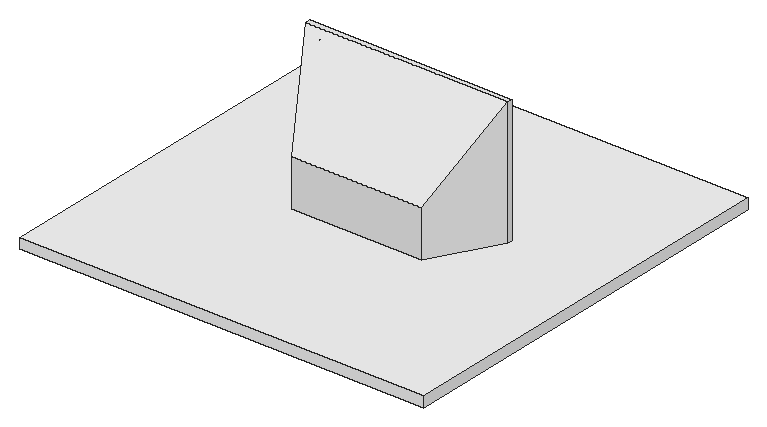
Revit family "BE_50180.1_de_DE", category Leuchten, Revit 2020
Family settings
  Basisbauteil = Fläche
  Bemaßung runder Anschluss = Durchmesser verwenden
  Teiletyp = Normal
  Beim Laden mit Abzugskörper schneiden = Ja
  Lichtquelle = Ja
  Gemeinsam genutzt = Nein
  Raumberechnungspunkt = Ja
Parameters (values of type "BEGA_50180.1_K27")
  built-in parameter 1150104 = 12.077 (stored number, unit not read)
  Wattage = 10.5 W
  Default Elevation = 0 mm
  built-in parameter 1150113 = 1 (stored number, unit not read)
  built-in parameter 1114218 = 1 (stored number, unit not read)
  Umgebungstemperatur = "25 °C"
  URL = "https://www.bega.com/de/produkt/50180.1"
  Typenkommentare = "© 2022 BEGA. Wir behalten uns das Recht vor, technische Änderungen ohne vorherige Ankündigung vorzunehmen."  # constant formula
  built-in parameter 1150134 = 12
  built-in parameter 1150109 = 1 (stored number, unit not read)
  Strom = ""
  built-in parameter 1150110 = 1 (stored number, unit not read)
  Spannung = 239.996 V
  Sonderanfertigung = no
  Sockeltyp = ""
  Sockelanzahl = ""
  Seriennummer [instance] = "Hier können Sie die eindeutige Seriennummer für das Facility Management eintragen."
  Schutzklasse = "I"
  Schutzart = "IP 20"
  Scheinlast = 0 VA
  Produktdatenblatt = "https://cdn.bega.com/bega/products/50180.1K27/current/documents/data-sheets/de"
  Oberflächentemperatur = ""
  Neigungswinkel = 0.00°
  Modell = "50180.1K27"
  Material_17 = BEGA_Reflektor
  Material_15 = BEGA_Leuchtmedium_matt
  Material_11 = BEGA_Glas_opal
  Material_09 = BEGA_Glas_klar
  Material_06 = BEGA_Oberfläche_Edelstahl_gebürstet
  Material_03 = BEGA_Oberfläche_Weiss_matt
  Material_02 = BEGA_Oberfläche_Silber_matt
  Material_01 [instance] = BEGA_Oberfläche_Grafit_matt
  M_W = no
  M_G = no
  M_A = no
  Logo = 0
  built-in parameter 1114217 = 1 (stored number, unit not read)
  built-in parameter 1150139 = (empty or 0)
  built-in parameter 1150105 = 108.62 (stored number, unit not read)
  built-in parameter 1150114 = 1 (stored number, unit not read)
  Lumens = 1365 lm
  built-in parameter 1150115 = 1 (stored number, unit not read)
  Leuchtenlichtstrom = "1083 lm"
  Leuchtenanzahl = ""
  Lebensdauerkriterien = "L70B50 @ 25 °C = 135000 h"
  Lastklassifizierung = Beleuchtung
  built-in parameter 1150112 = 1 (stored number, unit not read)
  Lampenlichtstrom = "1460 lm"
  Lampe = "LED 10.2 W"
  LED_Modulbezeichnung = "LED-0810/927"
  Hersteller = "BEGA"  # constant formula
  Halbstreuwinkel = ""
  Gewicht = "0.95 kg"
  Gebrauchslageneinschränkung [instance] = ""
  Frequenz = "0/50-60 Hz"
  Farbwiedergabeindex = "CRI > 90"
  Farbtemperaturverschiebung bei Dämpfen der Lampe = <Keine Auswahl>
  Farbtemperatur = "2700 K"
  Color Filter = 16777215
  built-in parameter 1150133 = 10 (stored number, unit not read)
  Energieeffizienzklasse = "LED A++ - A"
  built-in parameter 1150137 = (empty or 0)
  built-in parameter 1150132 = (empty or 0)
  ENEC = "ja"
  Dimmbar [instance] = "on/off"
  Datei für fotometrisches Netz = "BE_50180.1K27.IES"
  CE_Konformität = "ja"
  Bestellnummer = "50180.1K27"
  Beschreibung_Sonderanfertigung = "Hier können Sie Informationen zur Sonderanfertigung eintragen."
  Beschreibung = "Wandfluter"
  built-in parameter 1150106 = 1.0862 (stored number, unit not read)
  Befestigungsbohrung = "Ø 4,8 mm"
  Befestigungsabstand = "128 mm"
  Ballwurfsicher = ""
  BEGA_Intern_aus = yes
  BEGA_Intern_an = yes
  BEGA_Intern_Konstruktion = yes
  BEGA_Intern = yes
  BEGA_IES = yes
  BEGA_Dummy = no
  Anschlussleitung = ""
  Anschlussleistung [instance] = "12.5 W"
  Anschlusskasten = ""
  built-in parameter 1150107 = 4000 (stored number, unit not read)
  built-in parameter 1150102 = (empty or 0)
  built-in parameter 1150138 = (empty or 0)
  Aktualisierung = "2022-05-18T04:00:07"
  Abstand_zur_angestrahlten_Fläche [instance] = ""
  AC/DC = "AC/DC"
Types (3, lengths in mm): name | built-in parameter 1150104 | built-in parameter 1150134 | Modell | built-in parameter 1150105 | Lumens | Leuchtenlichtstrom | Lampenlichtstrom | LED_Modulbezeichnung | Farbtemperatur | Datei für fotometrisches Netz | Bestellnummer | built-in parameter 1150106 | built-in parameter 1150107
  BEGA_50180.1_K4 | 12.077 (stored number, unit not read) | 12 | "50180.1K4" | 108.62 (stored number, unit not read) | 1365 lm | "1163 lm" | "1570 lm" | "LED-0810/940" | "4000 K" | "BE_50180.1K4.IES" | "50180.1K4" | 1.0862 (stored number, unit not read) | 4000 (stored number, unit not read)
  BEGA_50180.1_K3 | 11.679 (stored number, unit not read) | (empty or 0) | "50180.1K3" | 105.04 (stored number, unit not read) | 1319.96 lm | "1120 lm" | "1510 lm" | "LED-0810/930" | "3000 K" | "BE_50180.1K3.IES" | "50180.1K3" | 1.0504 (stored number, unit not read) | 3000 (stored number, unit not read)
  BEGA_50180.1_K27 | 12.077 (stored number, unit not read) | 12 | "50180.1K27" | 108.62 (stored number, unit not read) | 1365 lm | "1083 lm" | "1460 lm" | "LED-0810/927" | "2700 K" | "BE_50180.1K27.IES" | "50180.1K27" | 1.0862 (stored number, unit not read) | 4000 (stored number, unit not read)
Reference planes
  plane 1 "Mitte (Vorne/Hinten)": y = 0
  plane 2: z = 0
  plane 3 "Mitte (Links/Rechts)": x = 0
  plane 4 "Links": x = -100.04
  plane 5 "Rechts": x = 100.04
  plane 6 "Unten": y = -33.5
  plane 7 "Oben": y = 33.5
  plane 8 "Vorne": z = 125.413
  plane 9 "Hinten": z = 0
Forms (mm)
  Extrusion 1, solid, material "BEGA_Platte_Weiss"
    sketch origin (0, -1119.2, 0) x (1, 0, 0) y (0, 1, 0)
      loop
        line (-200, 1319.2) -> (-200, 919.2) -> (200, 919.2) -> (200, 1319.2) -> (-200, 1319.2)
    from 0 to -10
  Extrusion 2, solid, material "BEGA_Dummy_matt", visible <- "BEGA_Dummy"
    sketch origin (80.095, -76.023, 0) x (1, 0, 0) y (0, 1, 0)
      loop
        line (-180.135, 109.523) -> (-180.135, 42.523) -> (19.944, 42.523) -> (19.944, 109.523) -> (-180.135, 109.523)
    from 0 to 125.413
Dimensions and locks
  plane 1 "Mitte (Vorne/Hinten)" to Extrusion 1 = 200 mm
  aligned and locked: plane 2 to Extrusion 1
  aligned and locked: level to Extrusion 1
Nested families
  nested 1: "BE_50180.1" at (0, 0, 0), type "BE_50180.1"
Connectors
  electrical at (0, 0, 0), driven by "Lastklassifizierung", driven by "Spannung", driven by "Scheinlast"
    settings: index 1, voltage 239.996 V, apparent load 0 VA, apparent load phase1 0 VA, apparent load phase2 0 VA, apparent load phase3 0 VA, power factor 1, load classification "Beleuchtung", number of poles 1, system type 31, power factor state 1, is connector primary yes, connector utility no, sub classification motor no, connector description ""
Definition of nested family "BE_50180.1"
  Parameters (values of type "BE_50180.1")
    Default Elevation = 1 mm
    URL = "http://www.bega.de/de/produkt"
    Type Comments = "© 2015 BEGA. Wir behalten uns das Recht vor, technische Änderungen ohne vorherige Ankündigung vorzunehmen. "  # constant formula
    Type Image = (empty or 0)
    Neigungswinkel_um_Z2 = 0.00°
    Neigungswinkel_um_Z1 = 0.00°
    Neigungswinkel_um_Y2 = 0.00°
    Neigungswinkel_um_Y1 = 0.00°
    Neigungswinkel_um_X2 = 0.00°
    Neigungswinkel_um_X1 = 0.00°
    Material_17 = none
    Material_15 = none
    Material_11 = none
    Material_09 = none
    Material_06 = none
    Material_05 = none
    Material_03 = none
    Material_02 = none
    Material_01 = none
    M_W = yes
    M_G = yes
    M_A = yes
    Länge_Platte = 400 mm  # constant formula
    Höhe_Platte = -10 mm  # constant formula
    Manufacturer = "BEGA"  # constant formula
    Drehwinkel_um_Z2 = 0.00°
    Drehwinkel_um_Z1 = 0.00°
    Breite_Platte = 200 mm  # constant formula
  Reference planes
    plane 1 "Mitte (Oben/Unten)": y = 0
    plane 2: z = 0
    plane 3 "Mitte (Links/Rechts)": x = 0
    plane 4: y = 33.5
    plane 5: z = 125.413
    plane 6: y = -33.5
    plane 7: x = -100.04
    plane 8: x = 100.04
  Forms (mm)
    Extrusion 1, solid, detail levels medium
      sketch origin (0, 0, 0) x (1, 0, 0) y (0, 1, 0)
        loop
          line (-200, 100) -> (-200, -100) -> (200, -100) -> (200, 100) -> (-200, 100)
      from 0 to -10 <- "Höhe_Platte"
    Extrusion 2, solid, material <- "Material_03", detail levels medium+fine
      sketch origin (0, 0, 0) x (0, 1, 0) y (0, 0, 1)
        loop
          line (-33.5, 0.5) -> (33.5, 0.5) -> (33.5, 125.413) -> (28.569, 125.413) -> (-33.5, 46.5) -> (-33.5, 0.5)
      from -117.578 to 105.837
    Extrusion 3, void
      sketch origin (0, 0, 0) x (1, 0, 0) y (0, 1, 0)
        loop
          line (-117.578, 36.451) -> (-117.578, -41.243) -> (-59.734, -41.243) -> (-100.04, 28.569) -> (-100.04, 36.451) -> (-117.578, 36.451)
        loop
          line (117.578, 36.451) -> (100.04, 36.451) -> (100.04, 28.569) -> (59.734, -41.243) -> (117.578, -41.243) -> (117.578, 36.451)
      from 0 to 133.895
    Blend 4, void
      base sketch origin (0, -35.827, 0.5) x (0, -1, 0) y (1, 0, 0)
        loop
          line (-5.439, -61.849) -> (-5.439, 61.849) -> (-64.915, 95.687) -> (-64.915, -95.687) -> (-5.439, -61.849)
      top sketch origin (0, 35.5, 152.913) x (0, -1, 0) y (1, 0, 0)
        loop
          line (11.304, -94.861) -> (11.304, 94.861) -> (6.412, 94.861) -> (6.412, -94.861) -> (11.304, -94.861)
      from 0 to -34.503
    Extrusion 5, solid, material <- "Material_03", detail levels medium+fine
      sketch origin (0, 0, 0) x (1, 0, 0) y (0, 1, 0)
        loop
          line (-60.879, -30.642) -> (60.879, -30.642) -> (94.379, 28.242) -> (-94.379, 28.242) -> (-60.879, -30.642)
      from 2.139 to 3.5
    Extrusion 6, void
      sketch origin (0, 0, 0) x (0, 1, 0) y (0, 0, 1)
        loop
          line (27.344, 122.579) -> (27.344, 34.371) -> (34.8, 34.371) -> (34.8, 122.579) -> (27.344, 122.579)
      from -97.734 to 97.799
    Extrusion 7, solid, material <- "Material_17", detail levels medium+fine
      sketch origin (0, 0, 0) x (0, 1, 0) y (0, 0, 1)
        loop
          line (29.3, 118.41) -> (28.447, 118.41) -> (28.447, 108.012) -> (13.422, 83.687) -> (14.48, 83.687) -> (29.3, 107.681) -> (29.3, 118.41)
        loop
          line (29.3, 34.484) -> (29.3, 49.639) -> (14.464, 73.66) -> (13.406, 73.66) -> (28.447, 49.308) -> (28.447, 34.484) -> (29.3, 34.484)
      from -94.527 to 94.735
    Extrusion 8, solid, material <- "Material_17", detail levels medium+fine
      sketch origin (0, 0, 0) x (1, 0, 0) y (0, 1, 0)
        loop
          line (94.527, 27.344) -> (40.687, 13.909) -> (40.924, 13.081) -> (94.735, 26.508) -> (94.527, 27.344)
        loop
          line (-94.527, 27.344) -> (-94.735, 26.508) -> (-40.924, 13.081) -> (-40.687, 13.909) -> (-94.527, 27.344)
      from 45.695 to 118.41
    Extrusion 9, void
      sketch origin (0, 0, 0) x (0, 1, 0) y (0, 0, 1)
        loop
          line (11.589, 101.945) -> (11.589, 89.945) -> (13.28, 89.945) -> (13.28, 101.945) -> (11.589, 101.945)
      from -28.58 to 28.473
    Extrusion 10, solid, material <- "Material_15", detail levels medium+fine
      sketch origin (0, 0, 0) x (1, 0, 0) y (0, 0, 1)
        loop
          line (23.664, 75.066) -> (23.664, 82.171) -> (-23.616, 82.171) -> (-23.616, 75.066) -> (23.664, 75.066)
      from -12.794 to -12.166
    Extrusion 11, void
      sketch origin (0, 0, 0) x (0, 1, 0) y (0, 0, 1)
        loop
          line (30.96, 126.902) -> (7.975, 126.902) -> (7.975, 97.679) -> (30.96, 126.902)
      from -82.112 to 102.734
    Extrusion 12, solid, material <- "Material_09", detail levels medium+fine
      sketch origin (0, 0, 0) x (0, 1, 0) y (0, 0, 1)
        loop
          line (29.3, 34.371) -> (33.3, 34.371) -> (33.3, 122.579) -> (29.3, 122.579) -> (29.3, 34.371)
      from -97.734 to 97.799
    Extrusion 13, void
      sketch origin (0, 0, 0) x (1, 0, 0) y (0, 1, 0)
        loop
          circle (-40, -5.543) r 8.5
        loop
          arc (-66.109, 3.657) -> (-68.509, 1.255) -> (-66.104, -1.143) r 2.4
          line (-66.104, -1.143) -> (-60.905, -1.143)
          arc (-60.905, -1.143) -> (-58.5, 1.255) -> (-60.9, 3.657) r 2.4
          line (-60.9, 3.657) -> (-66.05, 3.657)
        loop
          arc (65.9, 3.857) -> (63.5, 6.257) -> (61.1, 3.857) r 2.4
          line (61.1, 3.857) -> (61.1, -1.343)
          arc (61.1, -1.343) -> (63.5, -3.743) -> (65.9, -1.343) r 2.4
          line (65.9, -1.343) -> (65.9, 3.857)
      from 0 to 4.75
    Extrusion 14, void
      sketch origin (0, 0, 0) x (1, 0, 0) y (0, 1, 0)
        loop
          line (-60.318, -36.5) -> (-101.58, 34.967) -> (-106.506, 34.967) -> (-106.506, -36.5) -> (-60.318, -36.5)
      from 0 to 127.618
    Extrusion 15, void
      sketch origin (0, 0, 0) x (-1, 0, 0) y (0, -1, 0)
        loop
          line (-60.318, 36.5) -> (-106.506, 36.5) -> (-106.506, -34.967) -> (-101.58, -34.967) -> (-60.318, 36.5)
      from 0 to 127.618
    Revolve 16, solid, material <- "Material_03", detail levels medium+fine
      sketch origin (-76.855, 0, 0) x (0, 1, 0) y (0, 0, 1)
        loop
          line (19.157, 2.517) -> (19.157, 0) -> (23.449, 0)
          arc (23.449, 0) -> (24.618, 0.201) -> (25.652, 0.78) r 3.5
          line (25.652, 0.78) -> (27.795, 2.517) -> (19.157, 2.517)
        axis (19.157, 0) -> (19.157, 2.517)
      angle from 0 to 360
    Revolve 17, solid, material <- "Material_03", detail levels medium+fine
      sketch origin (76.855, 0, 0) x (0, 1, 0) y (0, 0, -1)
        loop
          line (19.157, -2.517) -> (27.795, -2.517) -> (25.652, -0.78)
          arc (25.652, -0.78) -> (24.618, -0.201) -> (23.449, 0) r 3.5
          line (23.449, 0) -> (19.157, 0) -> (19.157, -2.517)
        axis (19.157, 0) -> (19.157, -2.517)
      angle from 0 to 360
    Revolve 18, solid, material <- "Material_03", detail levels medium+fine
      sketch origin (-55.448, -37.078, 0) x (0, 1, 0) y (0, 0, 1)
        loop
          line (19.157, 2.517) -> (19.157, 0) -> (23.449, 0)
          arc (23.449, 0) -> (24.618, 0.201) -> (25.652, 0.78) r 3.5
          line (25.652, 0.78) -> (27.795, 2.517) -> (19.157, 2.517)
        axis (19.157, 0) -> (19.157, 2.517)
      angle from 0 to 360
    Revolve 19, solid, material <- "Material_03", detail levels medium+fine
      sketch origin (55.448, -37.078, 0) x (0, 1, 0) y (0, 0, -1)
        loop
          line (19.157, -2.517) -> (27.795, -2.517) -> (25.652, -0.78)
          arc (25.652, -0.78) -> (24.618, -0.201) -> (23.449, 0) r 3.5
          line (23.449, 0) -> (19.157, 0) -> (19.157, -2.517)
        axis (19.157, 0) -> (19.157, -2.517)
      angle from 0 to 360
    Extrusion 20, solid, material <- "Material_17", detail levels medium+fine
      sketch origin (0, 0, 0) x (0, 1, 0) y (0, 0, 1)
        loop
          line (14.48, 83.687) -> (13.406, 83.687) -> (13.406, 73.66) -> (14.48, 73.66) -> (14.48, 83.687)
      from -41.534 to 40.924
    Extrusion 21, void
      sketch origin (0, 0, 0) x (0, 1, 0) y (0, 0, 1)
        loop
          line (14.682, 82.887) -> (13.232, 82.887) -> (13.232, 74.46) -> (14.682, 74.46) -> (14.682, 82.887)
      from -24.264 to 24.334
  Cuts and joins
    Extrusion 3, Blend 4, Extrusion 6, Extrusion 9 cuts Extrusion 2
    Extrusion 13 cuts Extrusion 5
    joined: Extrusion 5, Revolve 16, Revolve 17, Revolve 18, Revolve 19
    Extrusion 9, Extrusion 13, Extrusion 14, Extrusion 15, Extrusion 21 cuts Extrusion 7
    Extrusion 9, Extrusion 11, Extrusion 13, Extrusion 15, Extrusion 21 cuts Extrusion 8
    Extrusion 21 cuts Extrusion 20
    joined: Extrusion 7, Extrusion 8, Extrusion 20
  Lines and regions (mm)
    model lines
      curve 1: line (0, 13.684, 83.687) -> (0, 13.684, 82.887)
      curve 2: line (0, 13.684, 73.66) -> (0, 13.684, 74.46)
  Dimensions and locks
    equal spacing: Extrusion 1 sketch curve, plane 3 "Mitte (Links/Rechts)", Extrusion 1 sketch curve
    equal spacing: Extrusion 1 sketch curve, plane 1 "Mitte (Oben/Unten)", Extrusion 1 sketch curve
    "Länge_Platte": Extrusion 1 sketch curve to Extrusion 1 sketch curve
    "Breite_Platte": Extrusion 1 sketch curve to Extrusion 1 sketch curve
    aligned and locked: plane 2 to Extrusion 1
    aligned and locked: level to Extrusion 1
  Automatic sketch dimensions
    level to Extrusion 2 sketch curve = 0.5 mm
    plane 1 "Mitte (Oben/Unten)" to Extrusion 2 sketch curve = 33.5 mm
    Extrusion 2 sketch curve to plane 1 "Mitte (Oben/Unten)" = 28.569 mm
    Extrusion 2 sketch curve to Extrusion 2 sketch curve = 4.931 mm
    Extrusion 2 sketch curve to Extrusion 2 sketch curve = 46 mm
    Extrusion 2 to Blend 4 sketch curve = 4.412 mm
    Extrusion 2 to Blend 4 sketch curve = 3.112 mm
    Blend 4 sketch curve to Extrusion 2 = 21.891 mm
    Blend 4 sketch curve to Extrusion 2 = 55.729 mm
    Blend 4 sketch curve to Extrusion 2 = 43.988 mm
    Blend 4 sketch curve to Extrusion 2 = 10.15 mm
    Extrusion 5 sketch curve to plane 1 "Mitte (Oben/Unten)" = 28.242 mm
    Extrusion 5 sketch curve to plane 3 "Mitte (Links/Rechts)" = 94.379 mm
    Extrusion 5 sketch curve to plane 3 "Mitte (Links/Rechts)" = 60.879 mm
    plane 3 "Mitte (Links/Rechts)" to Extrusion 5 sketch curve = 60.879 mm
    Extrusion 5 sketch curve to Extrusion 5 sketch curve = 33.501 mm
    plane 1 "Mitte (Oben/Unten)" to Extrusion 5 sketch curve = 30.642 mm
    Extrusion 6 sketch curve to plane 1 "Mitte (Oben/Unten)" = 27.344 mm
    Extrusion 6 sketch curve to Extrusion 6 sketch curve = 7.456 mm
    level to Extrusion 6 sketch curve = 34.371 mm
    Extrusion 7 sketch curve to plane 1 "Mitte (Oben/Unten)" = 13.406 mm
    Extrusion 7 sketch curve to Extrusion 7 sketch curve = 0.016 mm
    Extrusion 7 sketch curve to Extrusion 7 sketch curve = 1.058 mm  (x2)
    Extrusion 7 sketch curve to Extrusion 7 sketch curve = 13.967 mm
    Extrusion 7 sketch curve to plane 1 "Mitte (Oben/Unten)" = 28.447 mm
    Extrusion 7 sketch curve to Extrusion 7 sketch curve = 0.853 mm  (x2)
    level to Extrusion 7 sketch curve = 34.484 mm
    Extrusion 7 sketch curve to Extrusion 7 sketch curve = 14.824 mm
    Extrusion 7 sketch curve to Extrusion 7 sketch curve = 0.332 mm  (x2)
    Extrusion 7 sketch curve to Extrusion 7 sketch curve = 24.352 mm
    Extrusion 7 sketch curve to Extrusion 7 sketch curve = 10.027 mm
    Extrusion 7 sketch curve to Extrusion 7 sketch curve = 23.994 mm
    Extrusion 7 sketch curve to Extrusion 7 sketch curve = 10.398 mm
    Extrusion 8 sketch curve to plane 1 "Mitte (Oben/Unten)" = 26.508 mm
    Extrusion 8 sketch curve to plane 3 "Mitte (Links/Rechts)" = 94.735 mm
    Extrusion 8 sketch curve to plane 1 "Mitte (Oben/Unten)" = 27.344 mm  (x2)
    Extrusion 8 sketch curve to Extrusion 8 sketch curve = 0.209 mm
    Extrusion 8 sketch curve to plane 1 "Mitte (Oben/Unten)" = 13.081 mm  (x2)
    Extrusion 8 sketch curve to plane 1 "Mitte (Oben/Unten)" = 13.909 mm  (x2)
    plane 3 "Mitte (Links/Rechts)" to Extrusion 8 sketch curve = 40.687 mm
    Extrusion 8 sketch curve to Extrusion 8 sketch curve = 0.238 mm
    Extrusion 8 sketch curve to Extrusion 8 sketch curve = 53.602 mm
    Extrusion 9 sketch curve to plane 1 "Mitte (Oben/Unten)" = 11.589 mm
    Extrusion 9 sketch curve to Extrusion 9 sketch curve = 1.691 mm
    Extrusion 9 sketch curve to Extrusion 9 sketch curve = 12 mm
    Extrusion 10 sketch curve to plane 3 "Mitte (Links/Rechts)" = 23.616 mm
    plane 3 "Mitte (Links/Rechts)" to Extrusion 10 sketch curve = 23.664 mm
    level to Extrusion 10 sketch curve = 75.066 mm
    Extrusion 10 sketch curve to Extrusion 10 sketch curve = 7.105 mm
    Extrusion 11 sketch curve to plane 1 "Mitte (Oben/Unten)" = 7.975 mm
    Extrusion 11 sketch curve to Extrusion 11 sketch curve = 22.985 mm
    Extrusion 12 sketch curve to plane 1 "Mitte (Oben/Unten)" = 29.3 mm
    Extrusion 12 sketch curve to Extrusion 12 sketch curve = 4 mm
    level to Extrusion 12 sketch curve = 34.371 mm
    Extrusion 13 sketch curve to plane 1 "Mitte (Oben/Unten)" = 1.257 mm  (x2)
    Extrusion 13 sketch curve to plane 3 "Mitte (Links/Rechts)" = 66.109 mm
    plane 1 "Mitte (Oben/Unten)" to Extrusion 13 sketch curve = 1.143 mm
    Extrusion 13 sketch curve to Extrusion 13 sketch curve = 0.005 mm  (x2)
    Extrusion 13 sketch curve to Extrusion 13 sketch curve = 5.199 mm
    plane 1 "Mitte (Oben/Unten)" to Extrusion 13 sketch curve = 5.543 mm
    Extrusion 13 sketch curve to Extrusion 13 sketch curve = 20.905 mm
    Extrusion 13 sketch curve to plane 1 "Mitte (Oben/Unten)" = 3.857 mm
    plane 3 "Mitte (Links/Rechts)" to Extrusion 13 sketch curve = 63.5 mm
    plane 1 "Mitte (Oben/Unten)" to Extrusion 13 sketch curve = 1.343 mm  (x2)
    Extrusion 13 sketch curve to Extrusion 13 sketch curve = 0 mm  (x13)
    Extrusion 13 sketch curve to Extrusion 13 sketch curve = 0.059 mm
    Extrusion 13 sketch curve to Extrusion 13 sketch curve = 2.4 mm
    plane 1 "Mitte (Oben/Unten)" to Extrusion 14 sketch curve = 36.5 mm
    Extrusion 14 sketch curve to plane 3 "Mitte (Links/Rechts)" = 106.506 mm
    Extrusion 14 sketch curve to plane 1 "Mitte (Oben/Unten)" = 34.967 mm
    Extrusion 14 sketch curve to Extrusion 14 sketch curve = 4.926 mm
    Extrusion 14 sketch curve to Extrusion 14 sketch curve = 46.188 mm
    Extrusion 15 sketch curve to plane 1 "Mitte (Oben/Unten)" = 36.5 mm
    Extrusion 15 sketch curve to plane 3 "Mitte (Links/Rechts)" = 106.506 mm
    plane 1 "Mitte (Oben/Unten)" to Extrusion 15 sketch curve = 34.967 mm
    Extrusion 15 sketch curve to Extrusion 15 sketch curve = 4.926 mm
    Extrusion 15 sketch curve to Extrusion 15 sketch curve = 46.188 mm
    Revolve 16 sketch curve to level = 0 mm  (x2)
    level to Revolve 16 sketch curve = 2.517 mm
    Revolve 16 sketch curve to plane 1 "Mitte (Oben/Unten)" = 19.157 mm
    Revolve 16 sketch curve to Revolve 16 sketch curve = 4.292 mm
    Revolve 16 sketch curve to Revolve 16 sketch curve = 4.346 mm
    Revolve 16 sketch curve to Revolve 16 sketch curve = 3.5 mm
    Revolve 16 sketch curve to Revolve 16 sketch curve = 0 mm  (x2)
    level to Revolve 16 sketch curve = 0.78 mm
    Revolve 16 sketch curve to Revolve 16 sketch curve = 2.203 mm
    Revolve 16 sketch curve to Revolve 16 sketch curve = 1.483 mm
    Revolve 17 sketch curve to level = 0 mm  (x2)
    level to Revolve 17 sketch curve = 2.517 mm
    Revolve 17 sketch curve to plane 1 "Mitte (Oben/Unten)" = 19.157 mm
    Revolve 17 sketch curve to Revolve 17 sketch curve = 4.292 mm
    Revolve 17 sketch curve to Revolve 17 sketch curve = 4.346 mm
    Revolve 17 sketch curve to Revolve 17 sketch curve = 3.5 mm
    Revolve 17 sketch curve to Revolve 17 sketch curve = 0 mm  (x2)
    level to Revolve 17 sketch curve = 0.78 mm
    Revolve 17 sketch curve to Revolve 17 sketch curve = 2.203 mm
    Revolve 17 sketch curve to Revolve 17 sketch curve = 1.483 mm
    Revolve 18 sketch curve to level = 0 mm  (x2)
    level to Revolve 18 sketch curve = 2.517 mm
    plane 1 "Mitte (Oben/Unten)" to Revolve 18 sketch curve = 17.92 mm
    Revolve 18 sketch curve to Revolve 18 sketch curve = 4.292 mm
    Revolve 18 sketch curve to Revolve 18 sketch curve = 4.346 mm
    Revolve 18 sketch curve to Revolve 18 sketch curve = 3.5 mm
    Revolve 18 sketch curve to Revolve 18 sketch curve = 0 mm  (x2)
    level to Revolve 18 sketch curve = 0.78 mm
    Revolve 18 sketch curve to Revolve 18 sketch curve = 2.203 mm
    Revolve 18 sketch curve to Revolve 18 sketch curve = 1.483 mm
    Revolve 19 sketch curve to level = 0 mm  (x2)
    level to Revolve 19 sketch curve = 2.517 mm
    plane 1 "Mitte (Oben/Unten)" to Revolve 19 sketch curve = 17.92 mm
    Revolve 19 sketch curve to Revolve 19 sketch curve = 4.292 mm
    Revolve 19 sketch curve to Revolve 19 sketch curve = 4.346 mm
    Revolve 19 sketch curve to Revolve 19 sketch curve = 3.5 mm
    Revolve 19 sketch curve to Revolve 19 sketch curve = 0 mm  (x2)
    level to Revolve 19 sketch curve = 0.78 mm
    Revolve 19 sketch curve to Revolve 19 sketch curve = 2.203 mm
    Revolve 19 sketch curve to Revolve 19 sketch curve = 1.483 mm
    Extrusion 2 sketch curve to Extrusion 2 sketch curve = 78.913 mm
    Extrusion 6 sketch curve to Extrusion 6 sketch curve = 88.207 mm
    level to Extrusion 9 sketch curve = 89.945 mm
    level to Extrusion 11 sketch curve = 97.679 mm
    Extrusion 11 sketch curve to Extrusion 11 sketch curve = 29.223 mm
    Extrusion 12 sketch curve to Extrusion 12 sketch curve = 88.207 mm
    Extrusion 3 sketch curve to plane 6 = 7.743 mm  (x2)
    plane 4 to Extrusion 3 sketch curve = 4.931 mm
    Extrusion 3 sketch curve to plane 4 = 2.951 mm  (x2)
    Extrusion 3 sketch curve to Extrusion 3 sketch curve = 7.883 mm
    Extrusion 3 sketch curve to plane 3 "Mitte (Links/Rechts)" = 59.734 mm
    Extrusion 3 sketch curve to Extrusion 3 sketch curve = 40.306 mm  (x2)
    Extrusion 3 sketch curve to Extrusion 3 sketch curve = 17.538 mm
    plane 3 "Mitte (Links/Rechts)" to Extrusion 3 sketch curve = 59.734 mm
    Extrusion 3 sketch curve to Extrusion 3 sketch curve = 57.844 mm
    plane 4 to Blend 4 sketch curve = 4.412 mm
    Blend 4 sketch curve to Blend 4 sketch curve = 4.892 mm
    plane 7 to Blend 4 sketch curve = 5.179 mm
    Blend 4 sketch curve to plane 8 = 5.179 mm
    Extrusion 20 sketch curve to plane 1 "Mitte (Oben/Unten)" = 13.406 mm
    Extrusion 20 sketch curve to Extrusion 20 sketch curve = 1.074 mm
    Extrusion 20 sketch curve to plane 5 = 51.753 mm
    Extrusion 20 sketch curve to Extrusion 20 sketch curve = 10.027 mm
    curve 1 to plane 1 "Mitte (Oben/Unten)" = 13.684 mm
    curve 2 to plane 1 "Mitte (Oben/Unten)" = 13.684 mm
    curve 2 to plane 5 = 51.753 mm
    curve 2 to curve 2 = 0.8 mm
    curve 2 to curve 1 = 8.427 mm
    curve 1 to curve 1 = 0.8 mm
    Extrusion 21 sketch curve to plane 1 "Mitte (Oben/Unten)" = 13.232 mm
    Extrusion 21 sketch curve to plane 5 = 50.953 mm
    Extrusion 21 sketch curve to Extrusion 21 sketch curve = 8.427 mm
    Extrusion 21 sketch curve to Extrusion 21 sketch curve = 1.45 mm
    radius of Extrusion 13 sketch curve = 8.5 mm
